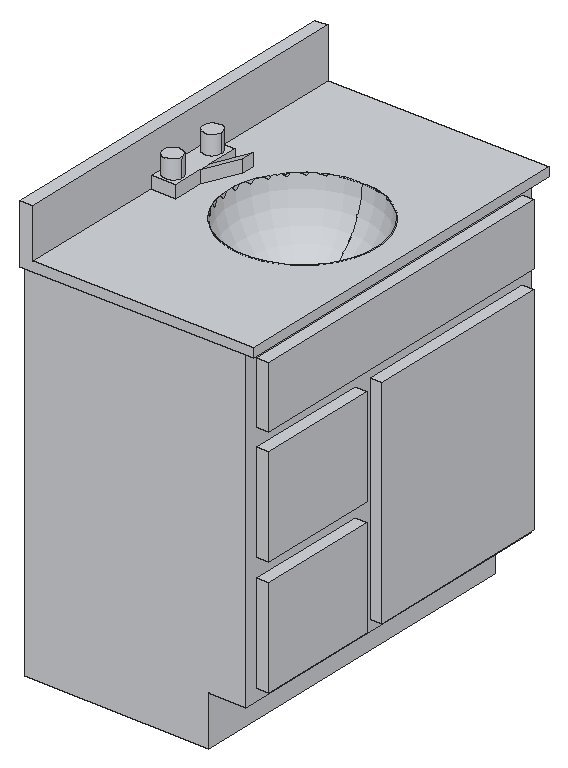
Revit family "M_Lavatório - Vaidade", category Peças hidrossanitárias, Revit 2019
Family settings
  Cota do conector redondo = Usar raio
  Tipo de parte = Normal
  Número OmniClass = 23.45.05.14.14
  Título OmniClass = Sinks/Lavatories
  ID de item do Seek = Lavatory - Vanity-0000-CAN-ENU
  Com base no plano de trabalho = Não
  Sempre na vertical = Sim
  Corte com vazios quando carregada = Não
  Compartilhado = Não
  Ponto de cálculo do ambiente = Não
Parameters (values of type "760 mmx455 mm - Público")
  Raio do sanitário = 16 mm
  Diâmetro do sanitário = Raio do sanitário * 2  # 32 mm
  WFU = 1
  Comprimento do lavatório = 455 mm
  Largura do lavatório = 760 mm
  Material da pia = none
  Raio da água quente = 7.5 mm
  Diâmetro da água quente = Raio da água quente * 2  # 15 mm
  Largura de meio lavatório = Largura do lavatório / 2  # 380 mm
  HWFU = 1.5
  Pressão do fluxo [instance] = 55158.0 Pa
  Material da torneira = none
  Raio da água gelada = 7.5 mm
  Diâmetro da água gelada = Raio da água gelada * 2  # 15 mm
  Material superior do armário = none
  Material do armário = none
  CWFU = 1.5
Types (3, lengths in mm): name | HWFU | CWFU
  (no name) | 1.5 | 1.5
  760 mmx455 mm - Privado | 0.5 | 0.5
  760 mmx455 mm - Público | 1.5 | 1.5
Reference planes
  plane 1 "Centro (Frente/Trás)": y = 0
  plane 2: z = 0
  plane 3 "Centro (Esquerda/Direita)": x = 0
  plane 4: y = 380
  plane 5: y = -380
  plane 6: x = 26.194
  plane 7: x = 481.194
  plane 8: z = 101.6
  plane 9: z = 762
  plane 10: z = 781.05
  plane 11: z = 882.65
  plane 12: x = 455.794
  plane 13: x = 379.594
  plane 14: y = -367.3
  plane 15: y = 367.3
  plane 16: y = 341.9
  plane 17: y = -341.9
  plane 18: z = 736.6
  plane 19: z = 609.6
  plane 20: z = 571.5
  plane 21: z = 368.3
  plane 22: z = 330.2
  plane 23: z = 127
  plane 24: y = -87.9
  plane 25: y = -49.8
  plane 26 "1": x = 277.994
  plane 27: x = 76.994
  plane 28: y = 76.2
  plane 29: y = -76.2
  plane 30: z = 806.45
  plane 31: x = 51.594
  plane 32: y = 50.8
  plane 33: y = -50.8
  plane 34: z = 844.55
  plane 35: x = 165.1
  plane 36: z = 857.25
  plane 37: z = 831.85
  plane 38: y = 12.7
  plane 39: y = -12.7
  plane 40: x = 443.094
  plane 41 "2": z = 628.65
  plane 42: z = 685.8
  plane 43: y = -101.6
  plane 44: y = 101.6
Forms (mm)
  Extrusion 1, solid, material <- "Material superior do armário"
    sketch origin (0, 0, 0) x (1, 0, 0) y (0, 1, 0)
      loop
        line (0, 380) -> (0, -380) -> (481.194, -380) -> (481.194, 380) -> (0, 380)
    from 762 to 781.05
  Extrusion 2, solid, material <- "Material superior do armário"
    sketch origin (0, 0, 0) x (1, 0, 0) y (0, 1, 0)
      loop
        line (0, 380) -> (0, -380) -> (26.194, -380) -> (26.194, 380) -> (0, 380)
    from 781.05 to 882.65
  Extrusion 3, solid, material <- "Material do armário"
    sketch origin (0, 0, 0) x (1, 0, 0) y (0, 1, 0)
      loop
        line (0, 367.3) -> (0, -367.3) -> (379.594, -367.3) -> (379.594, 367.3) -> (0, 367.3)
    from 0 to 101.6
  Extrusion 4, solid, material <- "Material do armário"
    sketch origin (0, 0, 0) x (1, 0, 0) y (0, 1, 0)
      loop
        line (0, 367.3) -> (0, -367.3) -> (455.794, -367.3) -> (455.794, 367.3) -> (0, 367.3)
    from 101.6 to 762
  Extrusion 5, solid, material <- "Material do armário"
    sketch origin (0, 0, 0) x (0, 1, 0) y (0, 0, 1)
      loop
        line (-341.9, 736.6) -> (-341.9, 609.6) -> (341.9, 609.6) -> (341.9, 736.6) -> (-341.9, 736.6)
      loop
        line (-341.9, 571.5) -> (-341.9, 368.3) -> (-87.9, 368.3) -> (-87.9, 571.5) -> (-341.9, 571.5)
      loop
        line (-341.9, 330.2) -> (-341.9, 127) -> (-87.9, 127) -> (-87.9, 330.2) -> (-341.9, 330.2)
      loop
        line (-49.8, 571.5) -> (-49.8, 127) -> (341.9, 127) -> (341.9, 571.5) -> (-49.8, 571.5)
    from 455.794 to 481.194
  Extrusion 6, solid, material <- "Material da torneira", detail levels fine
    sketch origin (0, 0, 0) x (1, 0, 0) y (0, 1, 0)
      loop
        line (26.194, 76.2) -> (26.194, -76.2) -> (76.994, -76.2) -> (76.994, 76.2) -> (26.194, 76.2)
    from 781.05 to 806.45
  Extrusion 7, solid, material <- "Material da torneira", detail levels fine
    sketch origin (0, 0, 0) x (1, 0, 0) y (0, 1, 0)
      loop
        circle (51.594, 50.8) r 19.05
      loop
        circle (51.594, -50.8) r 19.05
    from 806.45 to 844.55
  Extrusion 8, solid, material <- "Material da torneira", detail levels fine
    sketch origin (0, 0, 0) x (1, 0, 0) y (0, 0, 1)
      loop
        line (165.1, 857.25) -> (76.994, 806.45) -> (76.994, 781.05) -> (165.1, 831.85) -> (165.1, 857.25)
    from -12.7 to 12.7
  Extrusion 9, void
    sketch origin (0, 0, 0) x (1, 0, 0) y (0, 1, 0)
      loop
        line (26.194, 341.9) -> (26.194, -341.9) -> (443.094, -341.9) -> (443.094, 341.9) -> (26.194, 341.9)
    from 368.3 to 762
  Extrusion 10, void
    sketch origin (0, 0, 0) x (1, 0, 0) y (0, 1, 0)
      loop
        circle (277.994, 0) r 152.4
    from 762 to 781.05
  Revolve 11, solid, material <- "Material da pia"
    sketch origin (277.994, 0, 0) x (0, 1, 0) y (0, 0, 1)
      loop
        line (0, 628.65) -> (44.45, 628.65)
        arc (44.45, 628.65) -> (121.045, 678.338) -> (157.603, 762) r 158.75
        line (157.603, 762) -> (152.4, 781.05)
        arc (152.4, 781.05) -> (107.763, 673.287) -> (0, 628.65) r 152.4
      axis (0, 628.65) -> (0, 781.05)
    angle from 0 to 360
  Extrusion 12, solid, material <- "Material do armário"
    sketch origin (277.994, 0, 0) x (0, 1, 0) y (0, 0, 1)
      loop
        circle (-101.6, 685.8) r 12.7
      loop
        circle (101.6, 685.8) r 12.7
    from -277.994 to -251.8
Cuts and joins
  joined: Extrusion 6, Extrusion 7, Extrusion 8
  Extrusion 9, Extrusion 10 cuts Extrusion 3
  Extrusion 9, Extrusion 10 cuts Extrusion 4
  joined: Extrusion 3, Extrusion 4, Extrusion 5, Extrusion 12
  Extrusion 10 cuts Extrusion 1
  joined: Extrusion 1, Extrusion 2
Dimensions and locks
  "Largura de meio lavatório": plane 4 to plane 1 "Centro (Frente/Trás)"
  "Largura de meio lavatório": plane 5 to plane 1 "Centro (Frente/Trás)"
  locked: plane 6 to plane 3 "Centro (Esquerda/Direita)" at 26.194
  "Comprimento do lavatório": plane 7 to plane 6
  locked: plane 8 to plane 2 at 101.6
  locked: plane 9 to plane 8 at 660.4
  locked: plane 10 to plane 9 at 19.05
  locked: plane 11 to plane 10 at 101.6
  locked: plane 7 to plane 12 at 25.4
  locked: plane 12 to plane 13 at 76.2
  locked: plane 5 to plane 14 at 12.7
  locked: plane 15 to plane 4 at 12.7
  locked: plane 14 to plane 17 at 25.4
  locked: plane 16 to plane 15 at 25.4
  locked: plane 18 to plane 9 at 25.4
  locked: plane 18 to plane 19 at 127
  locked: plane 19 to plane 20 at 38.1
  locked: plane 20 to plane 21 at 203.2
  locked: plane 21 to plane 22 at 38.1
  locked: plane 22 to plane 23 at 203.2
  locked: plane 23 to plane 8 at 25.4
  locked: plane 17 to plane 24 at 254
  locked: plane 24 to plane 25 at 38.1
  locked: plane 26 "1" to plane 7 at 203.2
  equal spacing: plane 28, plane 1 "Centro (Frente/Trás)", plane 29
  locked: plane 6 to plane 27 at 50.8
  locked: plane 30 to plane 10 at 25.4
  equal spacing: plane 6, plane 31, plane 27
  locked: plane 28 to plane 32 at 25.4
  locked: plane 33 to plane 29 at 25.4
  locked: plane 34 to plane 30 at 38.1
  locked: plane 35 to plane 27 at 88.106
  locked: plane 36 to plane 10 at 76.2
  locked: plane 36 to plane 37 at 25.4
  equal spacing: plane 38, plane 1 "Centro (Frente/Trás)", plane 39
  locked: plane 40 to plane 12 at 12.7
  locked: plane 41 "2" to plane 2 at 628.65
  locked: plane 42 to plane 41 "2" at 57.15
  equal spacing: plane 43, plane 1 "Centro (Frente/Trás)", plane 44, locked at 101.6 each
  locked: plane 43 to plane 1 "Centro (Frente/Trás)" at 101.6
  radius of Extrusion 7 sketch curve = 19.05 mm  (x2)
  radius of Extrusion 10 sketch curve = 152.4 mm
  radius of Revolve 11 sketch curve = 152.4 mm
  aligned and locked: Extrusion 1 to plane 3 "Centro (Esquerda/Direita)"
  aligned and locked: plane 7 to Extrusion 1
  aligned and locked: plane 4 to Extrusion 1
  aligned and locked: Extrusion 1 to plane 5
  aligned and locked: plane 9 to Extrusion 1
  aligned and locked: plane 6 to Extrusion 2
  aligned and locked: plane 4 to Extrusion 2
  aligned and locked: Extrusion 2 to plane 5
  aligned and locked: Extrusion 2 to plane 3 "Centro (Esquerda/Direita)"
  aligned and locked: Extrusion 2 to plane 11
  aligned and locked: Extrusion 2 to plane 10
  aligned and locked: Extrusion 3 to plane 3 "Centro (Esquerda/Direita)"
  aligned and locked: plane 13 to Extrusion 3
  aligned and locked: plane 8 to Extrusion 3
  aligned and locked: Extrusion 3 to plane 2
  aligned and locked: plane 12 to Extrusion 4
  aligned and locked: Extrusion 4 to plane 3 "Centro (Esquerda/Direita)"
  aligned and locked: Extrusion 4 to plane 9
  aligned and locked: Extrusion 4 to plane 8
  aligned and locked: Extrusion 4 to plane 14
  aligned and locked: plane 15 to Extrusion 4
  aligned and locked: Extrusion 3 to plane 14
  aligned and locked: plane 15 to Extrusion 3
  aligned and locked: Extrusion 5 to plane 17  (x3)
  aligned and locked: plane 18 to Extrusion 5
  aligned and locked: Extrusion 5 to plane 19
  aligned and locked: plane 16 to Extrusion 5  (x2)
  aligned and locked: plane 20 to Extrusion 5  (x2)
  aligned and locked: Extrusion 5 to plane 23  (x2)
  aligned and locked: Extrusion 5 to plane 25
  aligned and locked: Extrusion 5 to plane 21
  aligned and locked: Extrusion 5 to plane 24  (x2)
  aligned and locked: plane 22 to Extrusion 5
  aligned and locked: plane 7 to Extrusion 5
  aligned and locked: Extrusion 5 to plane 12
  aligned and locked: plane 27 to Extrusion 6
  aligned and locked: Extrusion 6 to plane 29
  aligned and locked: plane 28 to Extrusion 6
  aligned and locked: Extrusion 6 to plane 6
  aligned and locked: plane 30 to Extrusion 6
  aligned and locked: Extrusion 6 to plane 10
  aligned and locked: plane 31 to Extrusion 7 sketch curve  (x2)
  aligned and locked: plane 32 to Extrusion 7 sketch curve
  aligned and locked: plane 33 to Extrusion 7 sketch curve
  aligned and locked: plane 34 to Extrusion 7
  aligned and locked: Extrusion 7 to plane 30
  aligned and locked: plane 38 to Extrusion 8
  aligned and locked: Extrusion 8 to plane 39
  aligned and locked: cut or joined group of Extrusion 3, Extrusion 4, Extrusion 5, Extrusion 9, Extrusion 10, Extrusion 12 to plane 6
  aligned and locked: Extrusion 9 to plane 17
  aligned and locked: plane 40 to Extrusion 9
  aligned and locked: plane 16 to Extrusion 9
  aligned and locked: Extrusion 9 to plane 9
  aligned and locked: Extrusion 9 to plane 21
  aligned and locked: plane 26 "1" to Extrusion 10 sketch curve
  aligned and locked: plane 1 "Centro (Frente/Trás)" to Extrusion 10 sketch curve
  aligned and locked: plane 10 to Extrusion 10
  aligned and locked: plane 9 to Extrusion 10
  aligned and locked: Revolve 11 sketch curve to plane 1 "Centro (Frente/Trás)"
  aligned and locked: plane 1 "Centro (Frente/Trás)" to Revolve 11 sketch curve  (x2)
  aligned and locked: plane 10 to Revolve 11 sketch curve  (x2)
  aligned and locked: plane 42 to Extrusion 12 sketch curve  (x2)
  aligned and locked: plane 43 to Extrusion 12 sketch curve
  aligned and locked: plane 44 to Extrusion 12 sketch curve
  aligned and locked: Extrusion 12 to plane 3 "Centro (Esquerda/Direita)"
  aligned and locked: plane 6 to Extrusion 12
Automatic sketch dimensions
  Extrusion 1 sketch curve to plane 3 "Centro (Esquerda/Direita)" = 0 mm
  Extrusion 1 sketch curve to plane 5 = 0 mm
  Extrusion 1 sketch curve to plane 7 = 0 mm
  Extrusion 1 sketch curve to plane 4 = 0 mm
  Extrusion 2 sketch curve to plane 3 "Centro (Esquerda/Direita)" = 0 mm
  Extrusion 2 sketch curve to plane 5 = 0 mm
  Extrusion 2 sketch curve to plane 6 = 0 mm
  Extrusion 2 sketch curve to plane 4 = 0 mm
  Extrusion 3 sketch curve to plane 3 "Centro (Esquerda/Direita)" = 0 mm
  plane 5 to Extrusion 3 sketch curve = 12.7 mm
  Extrusion 3 sketch curve to plane 13 = 0 mm
  Extrusion 3 sketch curve to plane 4 = 12.7 mm
  Extrusion 4 sketch curve to plane 3 "Centro (Esquerda/Direita)" = 0 mm
  plane 5 to Extrusion 4 sketch curve = 12.7 mm
  Extrusion 4 sketch curve to plane 12 = 0 mm
  Extrusion 4 sketch curve to plane 4 = 12.7 mm
  Extrusion 5 sketch curve to plane 17 = 0 mm  (x3)
  Extrusion 5 sketch curve to plane 21 = 0 mm
  Extrusion 5 sketch curve to plane 24 = 0 mm  (x2)
  Extrusion 5 sketch curve to plane 23 = 0 mm  (x2)
  Extrusion 5 sketch curve to plane 25 = 0 mm
  Extrusion 5 sketch curve to plane 16 = 0 mm  (x2)
  Extrusion 5 sketch curve to plane 22 = 0 mm
  Extrusion 5 sketch curve to plane 20 = 0 mm  (x2)
  Extrusion 5 sketch curve to plane 19 = 0 mm
  Extrusion 5 sketch curve to plane 18 = 0 mm
  Extrusion 6 sketch curve to plane 6 = 0 mm
  Extrusion 6 sketch curve to plane 27 = 0 mm
  Extrusion 6 sketch curve to plane 29 = 0 mm
  Extrusion 6 sketch curve to plane 28 = 0 mm
  Extrusion 8 sketch curve to plane 27 = 0 mm
  Extrusion 8 sketch curve to plane 35 = 0 mm
  Extrusion 8 sketch curve to plane 10 = 0 mm
  Extrusion 8 sketch curve to plane 30 = 0 mm
  Extrusion 8 sketch curve to plane 37 = 0 mm
  Extrusion 8 sketch curve to plane 36 = 0 mm
  Extrusion 9 sketch curve to plane 6 = 0 mm
  plane 17 to Extrusion 9 sketch curve = 0 mm
  Extrusion 9 sketch curve to plane 40 = 0 mm
  plane 16 to Extrusion 9 sketch curve = 0 mm
  Revolve 11 sketch curve to plane 1 "Centro (Frente/Trás)" = 0 mm
  Revolve 11 sketch curve to plane 41 "2" = 0 mm
  Revolve 11 sketch curve to plane 20 = 0 mm
  Revolve 11 sketch curve to Revolve 11 sketch curve = 5.203 mm
  Revolve 11 sketch curve to Revolve 11 sketch curve = 50.8 mm
  Revolve 11 sketch curve to plane 9 = 0 mm
  radius of Extrusion 12 sketch curve = 12.7 mm  (x2)
Connectors
  piping at (0, 101.6, 685.8), diameter 15, driven by "Raio da água gelada", driven by "CWFU", driven by "Pressão do fluxo"
    settings: on Extrusion 12, index 1, connector inside diameter 15 mm, connector length 0 mm, flow factor 0, pipe flow 0.0 L/s, pressure drop 55158.0 Pa, fitting loss kfactor 0, connector angle 0.00°, fixture units 1.5, engagement length 0 mm, angle of deflection 0.00°, flow configuration 3, flow direction 1, fitting loss method 4, system type 20, joint type 0, gender type 0, connector reference index -1, connector utility 0, adjustable connector no, is connector primary yes, connector description "In"
  piping at (0, -101.6, 685.8), diameter 15, driven by "Raio da água quente", driven by "HWFU", driven by "Pressão do fluxo"
    settings: on Extrusion 12, index 2, connector inside diameter 15 mm, connector length 0 mm, flow factor 0, pipe flow 0.0 L/s, pressure drop 55158.0 Pa, fitting loss kfactor 0, connector angle 0.00°, fixture units 1.5, engagement length 0 mm, angle of deflection 0.00°, flow configuration 3, flow direction 1, fitting loss method 4, system type 19, joint type 0, gender type 0, connector reference index -1, connector utility 0, adjustable connector no, is connector primary no, connector description "In"
  piping at (277.994, 0, 628.65), diameter 32, driven by "WFU", driven by "Raio do sanitário"
    settings: on Revolve 11, index 3, connector inside diameter 32 mm, connector length 0 mm, flow factor 0, pipe flow 0.0 L/s, pressure drop 0.0 Pa, fitting loss kfactor 0, connector angle 0.00°, fixture units 1, engagement length 0 mm, angle of deflection 0.00°, flow configuration 3, flow direction 2, fitting loss method 0, system type 16, joint type 0, gender type 0, connector reference index -1, connector utility 0, adjustable connector no, is connector primary no, connector description "Saída"
